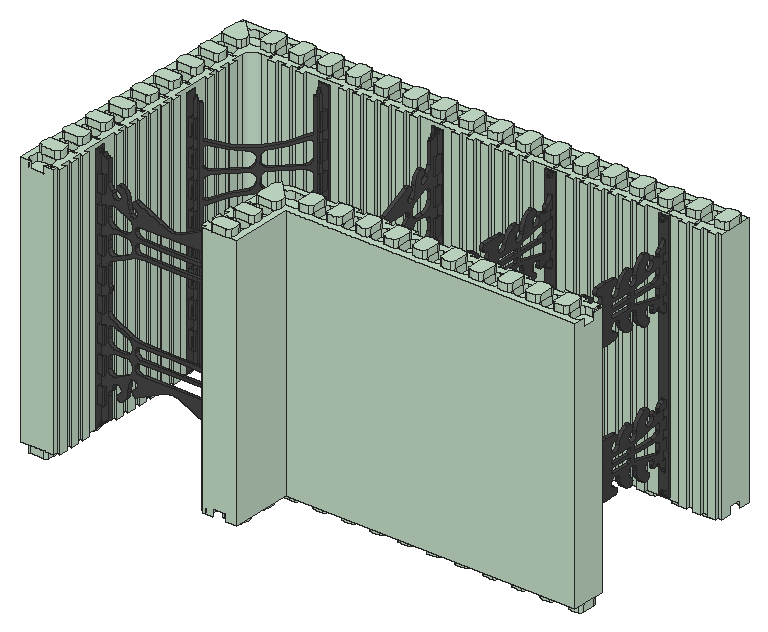
Revit family (continued)
Definition of nested family "NUDURA Diamond Pattern"
  Lines and regions (mm)
    model lines
      curve 159: arc (85.183, -142.875, 63.885) -> (82.394, -142.875, 57.15) -> (85.183, -142.875, 50.415) r 9.525
      curve 160: line (93.906, -142.875, 72.608) -> (85.183, -142.875, 63.885)
      curve 161: arc (105.934, -142.875, 71.165) -> (101.444, -142.875, 73.025) -> (96.953, -142.875, 71.165) r 6.35
      curve 162: line (96.953, -142.875, 71.165) -> (87.428, -142.875, 61.64)
      curve 163: arc (87.428, -142.875, 61.64) -> (85.569, -142.875, 57.15) -> (87.428, -142.875, 52.66) r 6.35
      curve 164: line (87.428, -142.875, 52.66) -> (96.953, -142.875, 43.135)
      curve 165: arc (96.953, -142.875, 43.135) -> (101.444, -142.875, 41.275) -> (105.934, -142.875, 43.135) r 6.35
      curve 166: line (105.934, -142.875, 43.135) -> (115.459, -142.875, 52.66)
      curve 167: arc (115.459, -142.875, 52.66) -> (117.319, -142.875, 57.15) -> (115.459, -142.875, 61.64) r 6.35
      curve 168: line (115.459, -142.875, 61.64) -> (105.934, -142.875, 71.165)
      curve 169: arc (93.906, -142.875, 34.508) -> (95.394, -142.875, 38.1) -> (93.906, -142.875, 41.692) r 5.08
      curve 170: line (93.906, -142.875, 34.508) -> (85.183, -142.875, 25.785)
      curve 171: arc (85.183, -142.875, 25.785) -> (82.394, -142.875, 19.05) -> (85.183, -142.875, 12.315) r 9.525
      curve 172: line (85.183, -142.875, 12.315) -> (94.708, -142.875, 2.79)
      curve 173: arc (94.708, -142.875, 2.79) -> (101.444, -142.875, 0) -> (108.179, -142.875, 2.79) r 9.525
      curve 174: line (108.179, -142.875, 2.79) -> (117.704, -142.875, 12.315)
      curve 175: arc (117.704, -142.875, 12.315) -> (120.494, -142.875, 19.05) -> (117.704, -142.875, 25.785) r 9.525
      curve 176: line (117.704, -142.875, 25.785) -> (108.981, -142.875, 34.508)
      curve 177: arc (108.981, -142.875, 41.692) -> (107.493, -142.875, 38.1) -> (108.981, -142.875, 34.508) r 5.08
      curve 178: arc (105.934, -142.875, 33.065) -> (101.444, -142.875, 34.925) -> (96.953, -142.875, 33.065) r 6.35
      curve 179: line (115.459, -142.875, 23.54) -> (105.934, -142.875, 33.065)
      curve 180: arc (115.459, -142.875, 14.56) -> (117.319, -142.875, 19.05) -> (115.459, -142.875, 23.54) r 6.35
      curve 181: line (105.934, -142.875, 5.035) -> (115.459, -142.875, 14.56)
      curve 182: arc (96.953, -142.875, 5.035) -> (101.444, -142.875, 3.175) -> (105.934, -142.875, 5.035) r 6.35
      curve 183: line (87.428, -142.875, 14.56) -> (96.953, -142.875, 5.035)
      curve 184: arc (87.428, -142.875, 23.54) -> (85.569, -142.875, 19.05) -> (87.428, -142.875, 14.56) r 6.35
      curve 185: line (96.953, -142.875, 33.065) -> (87.428, -142.875, 23.54)
      curve 186: arc (108.981, -142.875, 79.792) -> (107.493, -142.875, 76.2) -> (108.981, -142.875, 72.608) r 5.08
      curve 187: arc (108.981, -142.875, 117.892) -> (107.493, -142.875, 114.3) -> (108.981, -142.875, 110.708) r 5.08
      curve 188: arc (108.981, -142.875, 155.992) -> (107.493, -142.875, 152.4) -> (108.981, -142.875, 148.808) r 5.08
      curve 189: arc (108.981, -142.875, 194.092) -> (107.493, -142.875, 190.5) -> (108.981, -142.875, 186.908) r 5.08
      curve 190: arc (108.981, -142.875, 232.192) -> (107.493, -142.875, 228.6) -> (108.981, -142.875, 225.008) r 5.08
      curve 191: arc (108.981, -142.875, 270.292) -> (107.493, -142.875, 266.7) -> (108.981, -142.875, 263.108) r 5.08
      curve 192: arc (108.981, -142.875, 308.392) -> (107.493, -142.875, 304.8) -> (108.981, -142.875, 301.208) r 5.08
      curve 193: arc (108.981, -142.875, 346.492) -> (107.493, -142.875, 342.9) -> (108.981, -142.875, 339.308) r 5.08
      curve 194: arc (108.981, -142.875, 384.592) -> (107.493, -142.875, 381) -> (108.981, -142.875, 377.408) r 5.08
      curve 195: arc (108.981, -142.875, 422.692) -> (107.493, -142.875, 419.1) -> (108.981, -142.875, 415.508) r 5.08
Definition of nested family "NUDURA Diamond Pattern Missing Two lines"
  Reference planes
    plane 1 "Center (Front/Back)": y = 0
    plane 2: z = 0
    plane 3 "Center (Left/Right)": x = 0
    plane 4: z = 457.2
  Lines and regions (mm)
    model lines
      curve 1: line (50.8, -142.875, 457.2) -> (50.8, -142.875, 0)
      curve 2: line (85.183, -142.875, 431.415) -> (93.906, -142.875, 422.692)
      curve 3: arc (85.183, -142.875, 444.885) -> (82.394, -142.875, 438.15) -> (85.183, -142.875, 431.415) r 9.525
      curve 4: line (94.708, -142.875, 454.41) -> (85.183, -142.875, 444.885)
      curve 5: arc (108.179, -142.875, 454.41) -> (101.444, -142.875, 457.2) -> (94.708, -142.875, 454.41) r 9.525
      curve 6: line (117.704, -142.875, 444.885) -> (108.179, -142.875, 454.41)
      curve 7: arc (117.704, -142.875, 431.415) -> (120.494, -142.875, 438.15) -> (117.704, -142.875, 444.885) r 9.525
      curve 8: line (108.981, -142.875, 422.692) -> (117.704, -142.875, 431.415)
      curve 9: arc (105.934, -142.875, 452.165) -> (101.444, -142.875, 454.025) -> (96.953, -142.875, 452.165) r 6.35
      curve 10: line (115.459, -142.875, 442.64) -> (105.934, -142.875, 452.165)
      curve 11: arc (115.459, -142.875, 433.66) -> (117.319, -142.875, 438.15) -> (115.459, -142.875, 442.64) r 6.35
      curve 12: line (105.934, -142.875, 424.135) -> (115.459, -142.875, 433.66)
      curve 13: arc (96.953, -142.875, 424.135) -> (101.444, -142.875, 422.275) -> (105.934, -142.875, 424.135) r 6.35
      curve 14: line (87.428, -142.875, 433.66) -> (96.953, -142.875, 424.135)
      curve 15: arc (87.428, -142.875, 442.64) -> (85.569, -142.875, 438.15) -> (87.428, -142.875, 433.66) r 6.35
      curve 16: line (96.953, -142.875, 452.165) -> (87.428, -142.875, 442.64)
      curve 17: arc (93.906, -142.875, 415.508) -> (95.394, -142.875, 419.1) -> (93.906, -142.875, 422.692) r 5.08
      curve 18: line (117.704, -142.875, 406.785) -> (108.981, -142.875, 415.508)
      curve 19: arc (117.704, -142.875, 393.315) -> (120.494, -142.875, 400.05) -> (117.704, -142.875, 406.785) r 9.525
      curve 20: line (108.981, -142.875, 384.592) -> (117.704, -142.875, 393.315)
      curve 21: line (85.183, -142.875, 393.315) -> (93.906, -142.875, 384.592)
      curve 22: arc (85.183, -142.875, 406.785) -> (82.394, -142.875, 400.05) -> (85.183, -142.875, 393.315) r 9.525
      curve 23: line (93.906, -142.875, 415.508) -> (85.183, -142.875, 406.785)
      curve 24: arc (105.934, -142.875, 414.065) -> (101.444, -142.875, 415.925) -> (96.953, -142.875, 414.065) r 6.35
      curve 25: line (96.953, -142.875, 414.065) -> (87.428, -142.875, 404.54)
      curve 26: arc (87.428, -142.875, 404.54) -> (85.569, -142.875, 400.05) -> (87.428, -142.875, 395.56) r 6.35
      curve 27: line (87.428, -142.875, 395.56) -> (96.953, -142.875, 386.035)
      curve 28: arc (96.953, -142.875, 386.035) -> (101.444, -142.875, 384.175) -> (105.934, -142.875, 386.035) r 6.35
      curve 29: line (105.934, -142.875, 386.035) -> (115.459, -142.875, 395.56)
      curve 30: arc (115.459, -142.875, 395.56) -> (117.319, -142.875, 400.05) -> (115.459, -142.875, 404.54) r 6.35
      curve 31: line (115.459, -142.875, 404.54) -> (105.934, -142.875, 414.065)
      curve 32: arc (93.906, -142.875, 377.408) -> (95.394, -142.875, 381) -> (93.906, -142.875, 384.592) r 5.08
      curve 33: line (117.704, -142.875, 368.685) -> (108.981, -142.875, 377.408)
      curve 34: arc (117.704, -142.875, 355.215) -> (120.494, -142.875, 361.95) -> (117.704, -142.875, 368.685) r 9.525
      curve 35: line (108.981, -142.875, 346.492) -> (117.704, -142.875, 355.215)
      curve 36: line (85.183, -142.875, 355.215) -> (93.906, -142.875, 346.492)
      curve 37: arc (85.183, -142.875, 368.685) -> (82.394, -142.875, 361.95) -> (85.183, -142.875, 355.215) r 9.525
      curve 38: line (93.906, -142.875, 377.408) -> (85.183, -142.875, 368.685)
      curve 39: arc (105.934, -142.875, 375.965) -> (101.444, -142.875, 377.825) -> (96.953, -142.875, 375.965) r 6.35
      curve 40: line (96.953, -142.875, 375.965) -> (87.428, -142.875, 366.44)
      curve 41: arc (87.428, -142.875, 366.44) -> (85.569, -142.875, 361.95) -> (87.428, -142.875, 357.46) r 6.35
      curve 42: line (87.428, -142.875, 357.46) -> (96.953, -142.875, 347.935)
      curve 43: arc (96.953, -142.875, 347.935) -> (101.444, -142.875, 346.075) -> (105.934, -142.875, 347.935) r 6.35
      curve 44: line (105.934, -142.875, 347.935) -> (115.459, -142.875, 357.46)
      curve 45: arc (115.459, -142.875, 357.46) -> (117.319, -142.875, 361.95) -> (115.459, -142.875, 366.44) r 6.35
      curve 46: line (115.459, -142.875, 366.44) -> (105.934, -142.875, 375.965)
      curve 47: arc (93.906, -142.875, 339.308) -> (95.394, -142.875, 342.9) -> (93.906, -142.875, 346.492) r 5.08
      curve 48: line (117.704, -142.875, 330.585) -> (108.981, -142.875, 339.308)
      curve 49: arc (117.704, -142.875, 317.115) -> (120.494, -142.875, 323.85) -> (117.704, -142.875, 330.585) r 9.525
      curve 50: line (108.981, -142.875, 308.392) -> (117.704, -142.875, 317.115)
      curve 51: line (85.183, -142.875, 317.115) -> (93.906, -142.875, 308.392)
      curve 52: arc (85.183, -142.875, 330.585) -> (82.394, -142.875, 323.85) -> (85.183, -142.875, 317.115) r 9.525
      curve 53: line (93.906, -142.875, 339.308) -> (85.183, -142.875, 330.585)
      curve 54: arc (105.934, -142.875, 337.865) -> (101.444, -142.875, 339.725) -> (96.953, -142.875, 337.865) r 6.35
      curve 55: line (96.953, -142.875, 337.865) -> (87.428, -142.875, 328.34)
      curve 56: arc (87.428, -142.875, 328.34) -> (85.569, -142.875, 323.85) -> (87.428, -142.875, 319.36) r 6.35
      curve 57: line (87.428, -142.875, 319.36) -> (96.953, -142.875, 309.835)
      curve 58: arc (96.953, -142.875, 309.835) -> (101.444, -142.875, 307.975) -> (105.934, -142.875, 309.835) r 6.35
      curve 59: line (105.934, -142.875, 309.835) -> (115.459, -142.875, 319.36)
      curve 60: arc (115.459, -142.875, 319.36) -> (117.319, -142.875, 323.85) -> (115.459, -142.875, 328.34) r 6.35
      curve 61: line (115.459, -142.875, 328.34) -> (105.934, -142.875, 337.865)
      curve 62: arc (93.906, -142.875, 301.208) -> (95.394, -142.875, 304.8) -> (93.906, -142.875, 308.392) r 5.08
      curve 63: line (117.704, -142.875, 292.485) -> (108.981, -142.875, 301.208)
      curve 64: arc (117.704, -142.875, 279.015) -> (120.494, -142.875, 285.75) -> (117.704, -142.875, 292.485) r 9.525
      curve 65: line (108.981, -142.875, 270.292) -> (117.704, -142.875, 279.015)
      curve 66: line (85.183, -142.875, 279.015) -> (93.906, -142.875, 270.292)
      curve 67: arc (85.183, -142.875, 292.485) -> (82.394, -142.875, 285.75) -> (85.183, -142.875, 279.015) r 9.525
      curve 68: line (93.906, -142.875, 301.208) -> (85.183, -142.875, 292.485)
      curve 69: arc (105.934, -142.875, 299.765) -> (101.444, -142.875, 301.625) -> (96.953, -142.875, 299.765) r 6.35
      curve 70: line (96.953, -142.875, 299.765) -> (87.428, -142.875, 290.24)
      curve 71: arc (87.428, -142.875, 290.24) -> (85.569, -142.875, 285.75) -> (87.428, -142.875, 281.26) r 6.35
      curve 72: line (87.428, -142.875, 281.26) -> (96.953, -142.875, 271.735)
      curve 73: arc (96.953, -142.875, 271.735) -> (101.444, -142.875, 269.875) -> (105.934, -142.875, 271.735) r 6.35
      curve 74: line (105.934, -142.875, 271.735) -> (115.459, -142.875, 281.26)
      curve 75: arc (115.459, -142.875, 281.26) -> (117.319, -142.875, 285.75) -> (115.459, -142.875, 290.24) r 6.35
      curve 76: line (115.459, -142.875, 290.24) -> (105.934, -142.875, 299.765)
      curve 77: arc (93.906, -142.875, 263.108) -> (95.394, -142.875, 266.7) -> (93.906, -142.875, 270.292) r 5.08
      curve 78: line (117.704, -142.875, 254.385) -> (108.981, -142.875, 263.108)
      curve 79: arc (117.704, -142.875, 240.915) -> (120.494, -142.875, 247.65) -> (117.704, -142.875, 254.385) r 9.525
      curve 80: line (108.981, -142.875, 232.192) -> (117.704, -142.875, 240.915)
      curve 81: line (85.183, -142.875, 240.915) -> (93.906, -142.875, 232.192)
      curve 82: arc (85.183, -142.875, 254.385) -> (82.394, -142.875, 247.65) -> (85.183, -142.875, 240.915) r 9.525
      curve 83: line (93.906, -142.875, 263.108) -> (85.183, -142.875, 254.385)
      curve 84: arc (105.934, -142.875, 261.665) -> (101.444, -142.875, 263.525) -> (96.953, -142.875, 261.665) r 6.35
      curve 85: line (96.953, -142.875, 261.665) -> (87.428, -142.875, 252.14)
      curve 86: arc (87.428, -142.875, 252.14) -> (85.569, -142.875, 247.65) -> (87.428, -142.875, 243.16) r 6.35
      curve 87: line (87.428, -142.875, 243.16) -> (96.953, -142.875, 233.635)
      curve 88: arc (96.953, -142.875, 233.635) -> (101.444, -142.875, 231.775) -> (105.934, -142.875, 233.635) r 6.35
      curve 89: line (105.934, -142.875, 233.635) -> (115.459, -142.875, 243.16)
      curve 90: arc (115.459, -142.875, 243.16) -> (117.319, -142.875, 247.65) -> (115.459, -142.875, 252.14) r 6.35
      curve 91: line (115.459, -142.875, 252.14) -> (105.934, -142.875, 261.665)
      curve 92: arc (93.906, -142.875, 225.008) -> (95.394, -142.875, 228.6) -> (93.906, -142.875, 232.192) r 5.08
      curve 93: line (117.704, -142.875, 216.285) -> (108.981, -142.875, 225.008)
      curve 94: arc (117.704, -142.875, 202.815) -> (120.494, -142.875, 209.55) -> (117.704, -142.875, 216.285) r 9.525
      curve 95: line (108.981, -142.875, 194.092) -> (117.704, -142.875, 202.815)
      curve 96: line (85.183, -142.875, 202.815) -> (93.906, -142.875, 194.092)
      curve 97: arc (85.183, -142.875, 216.285) -> (82.394, -142.875, 209.55) -> (85.183, -142.875, 202.815) r 9.525
      curve 98: line (93.906, -142.875, 225.008) -> (85.183, -142.875, 216.285)
      curve 99: arc (105.934, -142.875, 223.565) -> (101.444, -142.875, 225.425) -> (96.953, -142.875, 223.565) r 6.35
      curve 100: line (96.953, -142.875, 223.565) -> (87.428, -142.875, 214.04)
      curve 101: arc (87.428, -142.875, 214.04) -> (85.569, -142.875, 209.55) -> (87.428, -142.875, 205.06) r 6.35
      curve 102: line (87.428, -142.875, 205.06) -> (96.953, -142.875, 195.535)
      curve 103: arc (96.953, -142.875, 195.535) -> (101.444, -142.875, 193.675) -> (105.934, -142.875, 195.535) r 6.35
      curve 104: line (105.934, -142.875, 195.535) -> (115.459, -142.875, 205.06)
      curve 105: arc (115.459, -142.875, 205.06) -> (117.319, -142.875, 209.55) -> (115.459, -142.875, 214.04) r 6.35
      curve 106: line (115.459, -142.875, 214.04) -> (105.934, -142.875, 223.565)
      curve 107: arc (93.906, -142.875, 186.908) -> (95.394, -142.875, 190.5) -> (93.906, -142.875, 194.092) r 5.08
      curve 108: line (117.704, -142.875, 178.185) -> (108.981, -142.875, 186.908)
      curve 109: arc (117.704, -142.875, 164.715) -> (120.494, -142.875, 171.45) -> (117.704, -142.875, 178.185) r 9.525
      curve 110: line (108.981, -142.875, 155.992) -> (117.704, -142.875, 164.715)
      curve 111: line (85.183, -142.875, 164.715) -> (93.906, -142.875, 155.992)
      curve 112: arc (85.183, -142.875, 178.185) -> (82.394, -142.875, 171.45) -> (85.183, -142.875, 164.715) r 9.525
      curve 113: line (93.906, -142.875, 186.908) -> (85.183, -142.875, 178.185)
      curve 114: arc (105.934, -142.875, 185.465) -> (101.444, -142.875, 187.325) -> (96.953, -142.875, 185.465) r 6.35
      curve 115: line (96.953, -142.875, 185.465) -> (87.428, -142.875, 175.94)
      curve 116: arc (87.428, -142.875, 175.94) -> (85.569, -142.875, 171.45) -> (87.428, -142.875, 166.96) r 6.35
      curve 117: line (87.428, -142.875, 166.96) -> (96.953, -142.875, 157.435)
      curve 118: arc (96.953, -142.875, 157.435) -> (101.444, -142.875, 155.575) -> (105.934, -142.875, 157.435) r 6.35
      curve 119: line (105.934, -142.875, 157.435) -> (115.459, -142.875, 166.96)
      curve 120: arc (115.459, -142.875, 166.96) -> (117.319, -142.875, 171.45) -> (115.459, -142.875, 175.94) r 6.35
      curve 121: line (115.459, -142.875, 175.94) -> (105.934, -142.875, 185.465)
      curve 122: arc (93.906, -142.875, 148.808) -> (95.394, -142.875, 152.4) -> (93.906, -142.875, 155.992) r 5.08
      curve 123: line (117.704, -142.875, 140.085) -> (108.981, -142.875, 148.808)
      curve 124: arc (117.704, -142.875, 126.615) -> (120.494, -142.875, 133.35) -> (117.704, -142.875, 140.085) r 9.525
      curve 125: line (108.981, -142.875, 117.892) -> (117.704, -142.875, 126.615)
      curve 126: line (85.183, -142.875, 126.615) -> (93.906, -142.875, 117.892)
      curve 127: arc (85.183, -142.875, 140.085) -> (82.394, -142.875, 133.35) -> (85.183, -142.875, 126.615) r 9.525
      curve 128: line (93.906, -142.875, 148.808) -> (85.183, -142.875, 140.085)
      curve 129: arc (105.934, -142.875, 147.365) -> (101.444, -142.875, 149.225) -> (96.953, -142.875, 147.365) r 6.35
      curve 130: line (96.953, -142.875, 147.365) -> (87.428, -142.875, 137.84)
      curve 131: arc (87.428, -142.875, 137.84) -> (85.569, -142.875, 133.35) -> (87.428, -142.875, 128.86) r 6.35
      curve 132: line (87.428, -142.875, 128.86) -> (96.953, -142.875, 119.335)
      curve 133: arc (96.953, -142.875, 119.335) -> (101.444, -142.875, 117.475) -> (105.934, -142.875, 119.335) r 6.35
      curve 134: line (105.934, -142.875, 119.335) -> (115.459, -142.875, 128.86)
      curve 135: arc (115.459, -142.875, 128.86) -> (117.319, -142.875, 133.35) -> (115.459, -142.875, 137.84) r 6.35
      curve 136: line (115.459, -142.875, 137.84) -> (105.934, -142.875, 147.365)
      curve 137: arc (93.906, -142.875, 110.708) -> (95.394, -142.875, 114.3) -> (93.906, -142.875, 117.892) r 5.08
      curve 138: line (117.704, -142.875, 101.985) -> (108.981, -142.875, 110.708)
      curve 139: arc (117.704, -142.875, 88.515) -> (120.494, -142.875, 95.25) -> (117.704, -142.875, 101.985) r 9.525
      curve 140: line (108.981, -142.875, 79.792) -> (117.704, -142.875, 88.515)
      curve 141: line (85.183, -142.875, 88.515) -> (93.906, -142.875, 79.792)
      curve 142: arc (85.183, -142.875, 101.985) -> (82.394, -142.875, 95.25) -> (85.183, -142.875, 88.515) r 9.525
      curve 143: line (93.906, -142.875, 110.708) -> (85.183, -142.875, 101.985)
      curve 144: arc (105.934, -142.875, 109.265) -> (101.444, -142.875, 111.125) -> (96.953, -142.875, 109.265) r 6.35
      curve 145: line (96.953, -142.875, 109.265) -> (87.428, -142.875, 99.74)
      curve 146: arc (87.428, -142.875, 99.74) -> (85.569, -142.875, 95.25) -> (87.428, -142.875, 90.76) r 6.35
      curve 147: line (87.428, -142.875, 90.76) -> (96.953, -142.875, 81.235)
      curve 148: arc (96.953, -142.875, 81.235) -> (101.444, -142.875, 79.375) -> (105.934, -142.875, 81.235) r 6.35
      curve 149: line (105.934, -142.875, 81.235) -> (115.459, -142.875, 90.76)
      curve 150: arc (115.459, -142.875, 90.76) -> (117.319, -142.875, 95.25) -> (115.459, -142.875, 99.74) r 6.35
      curve 151: line (115.459, -142.875, 99.74) -> (105.934, -142.875, 109.265)
      curve 152: arc (93.906, -142.875, 72.608) -> (95.394, -142.875, 76.2) -> (93.906, -142.875, 79.792) r 5.08
      curve 153: line (117.704, -142.875, 63.885) -> (108.981, -142.875, 72.608)
      curve 154: arc (117.704, -142.875, 50.415) -> (120.494, -142.875, 57.15) -> (117.704, -142.875, 63.885) r 9.525
      curve 155: line (108.981, -142.875, 41.692) -> (117.704, -142.875, 50.415)
      curve 156: line (85.183, -142.875, 50.415) -> (93.906, -142.875, 41.692)
      curve 157: arc (85.183, -142.875, 63.885) -> (82.394, -142.875, 57.15) -> (85.183, -142.875, 50.415) r 9.525
      curve 158: line (93.906, -142.875, 72.608) -> (85.183, -142.875, 63.885)
      curve 159: arc (105.934, -142.875, 71.165) -> (101.444, -142.875, 73.025) -> (96.953, -142.875, 71.165) r 6.35
      curve 160: line (96.953, -142.875, 71.165) -> (87.428, -142.875, 61.64)
      curve 161: arc (87.428, -142.875, 61.64) -> (85.569, -142.875, 57.15) -> (87.428, -142.875, 52.66) r 6.35
      curve 162: line (87.428, -142.875, 52.66) -> (96.953, -142.875, 43.135)
      curve 163: arc (96.953, -142.875, 43.135) -> (101.444, -142.875, 41.275) -> (105.934, -142.875, 43.135) r 6.35
      curve 164: line (105.934, -142.875, 43.135) -> (115.459, -142.875, 52.66)
      curve 165: arc (115.459, -142.875, 52.66) -> (117.319, -142.875, 57.15) -> (115.459, -142.875, 61.64) r 6.35
      curve 166: line (115.459, -142.875, 61.64) -> (105.934, -142.875, 71.165)
      curve 167: arc (93.906, -142.875, 34.508) -> (95.394, -142.875, 38.1) -> (93.906, -142.875, 41.692) r 5.08
      curve 168: line (93.906, -142.875, 34.508) -> (85.183, -142.875, 25.785)
      curve 169: arc (85.183, -142.875, 25.785) -> (82.394, -142.875, 19.05) -> (85.183, -142.875, 12.315) r 9.525
      curve 170: line (85.183, -142.875, 12.315) -> (94.708, -142.875, 2.79)
      curve 171: arc (94.708, -142.875, 2.79) -> (101.444, -142.875, 0) -> (108.179, -142.875, 2.79) r 9.525
      curve 172: line (108.179, -142.875, 2.79) -> (117.704, -142.875, 12.315)
      curve 173: arc (117.704, -142.875, 12.315) -> (120.494, -142.875, 19.05) -> (117.704, -142.875, 25.785) r 9.525
      curve 174: line (117.704, -142.875, 25.785) -> (108.981, -142.875, 34.508)
      curve 175: arc (108.981, -142.875, 41.692) -> (107.493, -142.875, 38.1) -> (108.981, -142.875, 34.508) r 5.08
      curve 176: arc (105.934, -142.875, 33.065) -> (101.444, -142.875, 34.925) -> (96.953, -142.875, 33.065) r 6.35
      curve 177: line (115.459, -142.875, 23.54) -> (105.934, -142.875, 33.065)
      curve 178: arc (115.459, -142.875, 14.56) -> (117.319, -142.875, 19.05) -> (115.459, -142.875, 23.54) r 6.35
      curve 179: line (105.934, -142.875, 5.035) -> (115.459, -142.875, 14.56)
      curve 180: arc (96.953, -142.875, 5.035) -> (101.444, -142.875, 3.175) -> (105.934, -142.875, 5.035) r 6.35
      curve 181: line (87.428, -142.875, 14.56) -> (96.953, -142.875, 5.035)
      curve 182: arc (87.428, -142.875, 23.54) -> (85.569, -142.875, 19.05) -> (87.428, -142.875, 14.56) r 6.35
      curve 183: line (96.953, -142.875, 33.065) -> (87.428, -142.875, 23.54)
      curve 184: arc (108.981, -142.875, 79.792) -> (107.493, -142.875, 76.2) -> (108.981, -142.875, 72.608) r 5.08
      curve 185: arc (108.981, -142.875, 117.892) -> (107.493, -142.875, 114.3) -> (108.981, -142.875, 110.708) r 5.08
      curve 186: arc (108.981, -142.875, 155.992) -> (107.493, -142.875, 152.4) -> (108.981, -142.875, 148.808) r 5.08
      curve 187: arc (108.981, -142.875, 194.092) -> (107.493, -142.875, 190.5) -> (108.981, -142.875, 186.908) r 5.08
      curve 188: arc (108.981, -142.875, 232.192) -> (107.493, -142.875, 228.6) -> (108.981, -142.875, 225.008) r 5.08
      curve 189: arc (108.981, -142.875, 270.292) -> (107.493, -142.875, 266.7) -> (108.981, -142.875, 263.108) r 5.08
      curve 190: arc (108.981, -142.875, 308.392) -> (107.493, -142.875, 304.8) -> (108.981, -142.875, 301.208) r 5.08
      curve 191: arc (108.981, -142.875, 346.492) -> (107.493, -142.875, 342.9) -> (108.981, -142.875, 339.308) r 5.08
      curve 192: arc (108.981, -142.875, 384.592) -> (107.493, -142.875, 381) -> (108.981, -142.875, 377.408) r 5.08
      curve 193: arc (108.981, -142.875, 422.692) -> (107.493, -142.875, 419.1) -> (108.981, -142.875, 415.508) r 5.08
Definition of nested family "NUDURA Diamond Pattern Missing Left Line"
  Reference planes
    plane 1 "Center (Front/Back)": y = 0
    plane 2: z = 0
    plane 3 "Center (Left/Right)": x = 0
    plane 4: z = 457.2
  Lines and regions (mm)
    model lines
      curve 1: line (203.2, -142.875, 457.2) -> (203.2, -142.875, 0)
      curve 2: line (152.4, -142.875, 457.2) -> (152.4, -142.875, 0)
      curve 3: line (85.183, -142.875, 431.415) -> (93.906, -142.875, 422.692)
      curve 4: arc (85.183, -142.875, 444.885) -> (82.394, -142.875, 438.15) -> (85.183, -142.875, 431.415) r 9.525
      curve 5: line (94.708, -142.875, 454.41) -> (85.183, -142.875, 444.885)
      curve 6: arc (108.179, -142.875, 454.41) -> (101.444, -142.875, 457.2) -> (94.708, -142.875, 454.41) r 9.525
      curve 7: line (117.704, -142.875, 444.885) -> (108.179, -142.875, 454.41)
      curve 8: arc (117.704, -142.875, 431.415) -> (120.494, -142.875, 438.15) -> (117.704, -142.875, 444.885) r 9.525
      curve 9: line (108.981, -142.875, 422.692) -> (117.704, -142.875, 431.415)
      curve 10: arc (105.934, -142.875, 452.165) -> (101.444, -142.875, 454.025) -> (96.953, -142.875, 452.165) r 6.35
      curve 11: line (115.459, -142.875, 442.64) -> (105.934, -142.875, 452.165)
      curve 12: arc (115.459, -142.875, 433.66) -> (117.319, -142.875, 438.15) -> (115.459, -142.875, 442.64) r 6.35
      curve 13: line (105.934, -142.875, 424.135) -> (115.459, -142.875, 433.66)
      curve 14: arc (96.953, -142.875, 424.135) -> (101.444, -142.875, 422.275) -> (105.934, -142.875, 424.135) r 6.35
      curve 15: line (87.428, -142.875, 433.66) -> (96.953, -142.875, 424.135)
      curve 16: arc (87.428, -142.875, 442.64) -> (85.569, -142.875, 438.15) -> (87.428, -142.875, 433.66) r 6.35
      curve 17: line (96.953, -142.875, 452.165) -> (87.428, -142.875, 442.64)
      curve 18: arc (93.906, -142.875, 415.508) -> (95.394, -142.875, 419.1) -> (93.906, -142.875, 422.692) r 5.08
      curve 19: line (117.704, -142.875, 406.785) -> (108.981, -142.875, 415.508)
      curve 20: arc (117.704, -142.875, 393.315) -> (120.494, -142.875, 400.05) -> (117.704, -142.875, 406.785) r 9.525
      curve 21: line (108.981, -142.875, 384.592) -> (117.704, -142.875, 393.315)
      curve 22: line (85.183, -142.875, 393.315) -> (93.906, -142.875, 384.592)
      curve 23: arc (85.183, -142.875, 406.785) -> (82.394, -142.875, 400.05) -> (85.183, -142.875, 393.315) r 9.525
      curve 24: line (93.906, -142.875, 415.508) -> (85.183, -142.875, 406.785)
      curve 25: arc (105.934, -142.875, 414.065) -> (101.444, -142.875, 415.925) -> (96.953, -142.875, 414.065) r 6.35
      curve 26: line (96.953, -142.875, 414.065) -> (87.428, -142.875, 404.54)
      curve 27: arc (87.428, -142.875, 404.54) -> (85.569, -142.875, 400.05) -> (87.428, -142.875, 395.56) r 6.35
      curve 28: line (87.428, -142.875, 395.56) -> (96.953, -142.875, 386.035)
      curve 29: arc (96.953, -142.875, 386.035) -> (101.444, -142.875, 384.175) -> (105.934, -142.875, 386.035) r 6.35
      curve 30: line (105.934, -142.875, 386.035) -> (115.459, -142.875, 395.56)
      curve 31: arc (115.459, -142.875, 395.56) -> (117.319, -142.875, 400.05) -> (115.459, -142.875, 404.54) r 6.35
      curve 32: line (115.459, -142.875, 404.54) -> (105.934, -142.875, 414.065)
      curve 33: arc (93.906, -142.875, 377.408) -> (95.394, -142.875, 381) -> (93.906, -142.875, 384.592) r 5.08
      curve 34: line (117.704, -142.875, 368.685) -> (108.981, -142.875, 377.408)
      curve 35: arc (117.704, -142.875, 355.215) -> (120.494, -142.875, 361.95) -> (117.704, -142.875, 368.685) r 9.525
      curve 36: line (108.981, -142.875, 346.492) -> (117.704, -142.875, 355.215)
      curve 37: line (85.183, -142.875, 355.215) -> (93.906, -142.875, 346.492)
      curve 38: arc (85.183, -142.875, 368.685) -> (82.394, -142.875, 361.95) -> (85.183, -142.875, 355.215) r 9.525
      curve 39: line (93.906, -142.875, 377.408) -> (85.183, -142.875, 368.685)
      curve 40: arc (105.934, -142.875, 375.965) -> (101.444, -142.875, 377.825) -> (96.953, -142.875, 375.965) r 6.35
      curve 41: line (96.953, -142.875, 375.965) -> (87.428, -142.875, 366.44)
      curve 42: arc (87.428, -142.875, 366.44) -> (85.569, -142.875, 361.95) -> (87.428, -142.875, 357.46) r 6.35
      curve 43: line (87.428, -142.875, 357.46) -> (96.953, -142.875, 347.935)
      curve 44: arc (96.953, -142.875, 347.935) -> (101.444, -142.875, 346.075) -> (105.934, -142.875, 347.935) r 6.35
      curve 45: line (105.934, -142.875, 347.935) -> (115.459, -142.875, 357.46)
      curve 46: arc (115.459, -142.875, 357.46) -> (117.319, -142.875, 361.95) -> (115.459, -142.875, 366.44) r 6.35
      curve 47: line (115.459, -142.875, 366.44) -> (105.934, -142.875, 375.965)
      curve 48: arc (93.906, -142.875, 339.308) -> (95.394, -142.875, 342.9) -> (93.906, -142.875, 346.492) r 5.08
      curve 49: line (117.704, -142.875, 330.585) -> (108.981, -142.875, 339.308)
      curve 50: arc (117.704, -142.875, 317.115) -> (120.494, -142.875, 323.85) -> (117.704, -142.875, 330.585) r 9.525
      curve 51: line (108.981, -142.875, 308.392) -> (117.704, -142.875, 317.115)
      curve 52: line (85.183, -142.875, 317.115) -> (93.906, -142.875, 308.392)
      curve 53: arc (85.183, -142.875, 330.585) -> (82.394, -142.875, 323.85) -> (85.183, -142.875, 317.115) r 9.525
      curve 54: line (93.906, -142.875, 339.308) -> (85.183, -142.875, 330.585)
      curve 55: arc (105.934, -142.875, 337.865) -> (101.444, -142.875, 339.725) -> (96.953, -142.875, 337.865) r 6.35
      curve 56: line (96.953, -142.875, 337.865) -> (87.428, -142.875, 328.34)
      curve 57: arc (87.428, -142.875, 328.34) -> (85.569, -142.875, 323.85) -> (87.428, -142.875, 319.36) r 6.35
      curve 58: line (87.428, -142.875, 319.36) -> (96.953, -142.875, 309.835)
      curve 59: arc (96.953, -142.875, 309.835) -> (101.444, -142.875, 307.975) -> (105.934, -142.875, 309.835) r 6.35
      curve 60: line (105.934, -142.875, 309.835) -> (115.459, -142.875, 319.36)
      curve 61: arc (115.459, -142.875, 319.36) -> (117.319, -142.875, 323.85) -> (115.459, -142.875, 328.34) r 6.35
      curve 62: line (115.459, -142.875, 328.34) -> (105.934, -142.875, 337.865)
      curve 63: arc (93.906, -142.875, 301.208) -> (95.394, -142.875, 304.8) -> (93.906, -142.875, 308.392) r 5.08
      curve 64: line (117.704, -142.875, 292.485) -> (108.981, -142.875, 301.208)
      curve 65: arc (117.704, -142.875, 279.015) -> (120.494, -142.875, 285.75) -> (117.704, -142.875, 292.485) r 9.525
      curve 66: line (108.981, -142.875, 270.292) -> (117.704, -142.875, 279.015)
      curve 67: line (85.183, -142.875, 279.015) -> (93.906, -142.875, 270.292)
      curve 68: arc (85.183, -142.875, 292.485) -> (82.394, -142.875, 285.75) -> (85.183, -142.875, 279.015) r 9.525
      curve 69: line (93.906, -142.875, 301.208) -> (85.183, -142.875, 292.485)
      curve 70: arc (105.934, -142.875, 299.765) -> (101.444, -142.875, 301.625) -> (96.953, -142.875, 299.765) r 6.35
      curve 71: line (96.953, -142.875, 299.765) -> (87.428, -142.875, 290.24)
      curve 72: arc (87.428, -142.875, 290.24) -> (85.569, -142.875, 285.75) -> (87.428, -142.875, 281.26) r 6.35
      curve 73: line (87.428, -142.875, 281.26) -> (96.953, -142.875, 271.735)
      curve 74: arc (96.953, -142.875, 271.735) -> (101.444, -142.875, 269.875) -> (105.934, -142.875, 271.735) r 6.35
      curve 75: line (105.934, -142.875, 271.735) -> (115.459, -142.875, 281.26)
      curve 76: arc (115.459, -142.875, 281.26) -> (117.319, -142.875, 285.75) -> (115.459, -142.875, 290.24) r 6.35
      curve 77: line (115.459, -142.875, 290.24) -> (105.934, -142.875, 299.765)
      curve 78: arc (93.906, -142.875, 263.108) -> (95.394, -142.875, 266.7) -> (93.906, -142.875, 270.292) r 5.08
      curve 79: line (117.704, -142.875, 254.385) -> (108.981, -142.875, 263.108)
      curve 80: arc (117.704, -142.875, 240.915) -> (120.494, -142.875, 247.65) -> (117.704, -142.875, 254.385) r 9.525
      curve 81: line (108.981, -142.875, 232.192) -> (117.704, -142.875, 240.915)
      curve 82: line (85.183, -142.875, 240.915) -> (93.906, -142.875, 232.192)
      curve 83: arc (85.183, -142.875, 254.385) -> (82.394, -142.875, 247.65) -> (85.183, -142.875, 240.915) r 9.525
      curve 84: line (93.906, -142.875, 263.108) -> (85.183, -142.875, 254.385)
      curve 85: arc (105.934, -142.875, 261.665) -> (101.444, -142.875, 263.525) -> (96.953, -142.875, 261.665) r 6.35
      curve 86: line (96.953, -142.875, 261.665) -> (87.428, -142.875, 252.14)
      curve 87: arc (87.428, -142.875, 252.14) -> (85.569, -142.875, 247.65) -> (87.428, -142.875, 243.16) r 6.35
      curve 88: line (87.428, -142.875, 243.16) -> (96.953, -142.875, 233.635)
      curve 89: arc (96.953, -142.875, 233.635) -> (101.444, -142.875, 231.775) -> (105.934, -142.875, 233.635) r 6.35
      curve 90: line (105.934, -142.875, 233.635) -> (115.459, -142.875, 243.16)
      curve 91: arc (115.459, -142.875, 243.16) -> (117.319, -142.875, 247.65) -> (115.459, -142.875, 252.14) r 6.35
      curve 92: line (115.459, -142.875, 252.14) -> (105.934, -142.875, 261.665)
      curve 93: arc (93.906, -142.875, 225.008) -> (95.394, -142.875, 228.6) -> (93.906, -142.875, 232.192) r 5.08
      curve 94: line (117.704, -142.875, 216.285) -> (108.981, -142.875, 225.008)
      curve 95: arc (117.704, -142.875, 202.815) -> (120.494, -142.875, 209.55) -> (117.704, -142.875, 216.285) r 9.525
      curve 96: line (108.981, -142.875, 194.092) -> (117.704, -142.875, 202.815)
      curve 97: line (85.183, -142.875, 202.815) -> (93.906, -142.875, 194.092)
      curve 98: arc (85.183, -142.875, 216.285) -> (82.394, -142.875, 209.55) -> (85.183, -142.875, 202.815) r 9.525
      curve 99: line (93.906, -142.875, 225.008) -> (85.183, -142.875, 216.285)
      curve 100: arc (105.934, -142.875, 223.565) -> (101.444, -142.875, 225.425) -> (96.953, -142.875, 223.565) r 6.35
      curve 101: line (96.953, -142.875, 223.565) -> (87.428, -142.875, 214.04)
      curve 102: arc (87.428, -142.875, 214.04) -> (85.569, -142.875, 209.55) -> (87.428, -142.875, 205.06) r 6.35
      curve 103: line (87.428, -142.875, 205.06) -> (96.953, -142.875, 195.535)
      curve 104: arc (96.953, -142.875, 195.535) -> (101.444, -142.875, 193.675) -> (105.934, -142.875, 195.535) r 6.35
      curve 105: line (105.934, -142.875, 195.535) -> (115.459, -142.875, 205.06)
      curve 106: arc (115.459, -142.875, 205.06) -> (117.319, -142.875, 209.55) -> (115.459, -142.875, 214.04) r 6.35
      curve 107: line (115.459, -142.875, 214.04) -> (105.934, -142.875, 223.565)
      curve 108: arc (93.906, -142.875, 186.908) -> (95.394, -142.875, 190.5) -> (93.906, -142.875, 194.092) r 5.08
      curve 109: line (117.704, -142.875, 178.185) -> (108.981, -142.875, 186.908)
      curve 110: arc (117.704, -142.875, 164.715) -> (120.494, -142.875, 171.45) -> (117.704, -142.875, 178.185) r 9.525
      curve 111: line (108.981, -142.875, 155.992) -> (117.704, -142.875, 164.715)
      curve 112: line (85.183, -142.875, 164.715) -> (93.906, -142.875, 155.992)
      curve 113: arc (85.183, -142.875, 178.185) -> (82.394, -142.875, 171.45) -> (85.183, -142.875, 164.715) r 9.525
      curve 114: line (93.906, -142.875, 186.908) -> (85.183, -142.875, 178.185)
      curve 115: arc (105.934, -142.875, 185.465) -> (101.444, -142.875, 187.325) -> (96.953, -142.875, 185.465) r 6.35
      curve 116: line (96.953, -142.875, 185.465) -> (87.428, -142.875, 175.94)
      curve 117: arc (87.428, -142.875, 175.94) -> (85.569, -142.875, 171.45) -> (87.428, -142.875, 166.96) r 6.35
      curve 118: line (87.428, -142.875, 166.96) -> (96.953, -142.875, 157.435)
      curve 119: arc (96.953, -142.875, 157.435) -> (101.444, -142.875, 155.575) -> (105.934, -142.875, 157.435) r 6.35
      curve 120: line (105.934, -142.875, 157.435) -> (115.459, -142.875, 166.96)
      curve 121: arc (115.459, -142.875, 166.96) -> (117.319, -142.875, 171.45) -> (115.459, -142.875, 175.94) r 6.35
      curve 122: line (115.459, -142.875, 175.94) -> (105.934, -142.875, 185.465)
      curve 123: arc (93.906, -142.875, 148.808) -> (95.394, -142.875, 152.4) -> (93.906, -142.875, 155.992) r 5.08
      curve 124: line (117.704, -142.875, 140.085) -> (108.981, -142.875, 148.808)
      curve 125: arc (117.704, -142.875, 126.615) -> (120.494, -142.875, 133.35) -> (117.704, -142.875, 140.085) r 9.525
      curve 126: line (108.981, -142.875, 117.892) -> (117.704, -142.875, 126.615)
      curve 127: line (85.183, -142.875, 126.615) -> (93.906, -142.875, 117.892)
      curve 128: arc (85.183, -142.875, 140.085) -> (82.394, -142.875, 133.35) -> (85.183, -142.875, 126.615) r 9.525
      curve 129: line (93.906, -142.875, 148.808) -> (85.183, -142.875, 140.085)
      curve 130: arc (105.934, -142.875, 147.365) -> (101.444, -142.875, 149.225) -> (96.953, -142.875, 147.365) r 6.35
      curve 131: line (96.953, -142.875, 147.365) -> (87.428, -142.875, 137.84)
      curve 132: arc (87.428, -142.875, 137.84) -> (85.569, -142.875, 133.35) -> (87.428, -142.875, 128.86) r 6.35
      curve 133: line (87.428, -142.875, 128.86) -> (96.953, -142.875, 119.335)
      curve 134: arc (96.953, -142.875, 119.335) -> (101.444, -142.875, 117.475) -> (105.934, -142.875, 119.335) r 6.35
      curve 135: line (105.934, -142.875, 119.335) -> (115.459, -142.875, 128.86)
      curve 136: arc (115.459, -142.875, 128.86) -> (117.319, -142.875, 133.35) -> (115.459, -142.875, 137.84) r 6.35
      curve 137: line (115.459, -142.875, 137.84) -> (105.934, -142.875, 147.365)
      curve 138: arc (93.906, -142.875, 110.708) -> (95.394, -142.875, 114.3) -> (93.906, -142.875, 117.892) r 5.08
      curve 139: line (117.704, -142.875, 101.985) -> (108.981, -142.875, 110.708)
      curve 140: arc (117.704, -142.875, 88.515) -> (120.494, -142.875, 95.25) -> (117.704, -142.875, 101.985) r 9.525
      curve 141: line (108.981, -142.875, 79.792) -> (117.704, -142.875, 88.515)
      curve 142: line (85.183, -142.875, 88.515) -> (93.906, -142.875, 79.792)
      curve 143: arc (85.183, -142.875, 101.985) -> (82.394, -142.875, 95.25) -> (85.183, -142.875, 88.515) r 9.525
      curve 144: line (93.906, -142.875, 110.708) -> (85.183, -142.875, 101.985)
      curve 145: arc (105.934, -142.875, 109.265) -> (101.444, -142.875, 111.125) -> (96.953, -142.875, 109.265) r 6.35
      curve 146: line (96.953, -142.875, 109.265) -> (87.428, -142.875, 99.74)
      curve 147: arc (87.428, -142.875, 99.74) -> (85.569, -142.875, 95.25) -> (87.428, -142.875, 90.76) r 6.35
      curve 148: line (87.428, -142.875, 90.76) -> (96.953, -142.875, 81.235)
      curve 149: arc (96.953, -142.875, 81.235) -> (101.444, -142.875, 79.375) -> (105.934, -142.875, 81.235) r 6.35
      curve 150: line (105.934, -142.875, 81.235) -> (115.459, -142.875, 90.76)
      curve 151: arc (115.459, -142.875, 90.76) -> (117.319, -142.875, 95.25) -> (115.459, -142.875, 99.74) r 6.35
      curve 152: line (115.459, -142.875, 99.74) -> (105.934, -142.875, 109.265)
      curve 153: arc (93.906, -142.875, 72.608) -> (95.394, -142.875, 76.2) -> (93.906, -142.875, 79.792) r 5.08
      curve 154: line (117.704, -142.875, 63.885) -> (108.981, -142.875, 72.608)
      curve 155: arc (117.704, -142.875, 50.415) -> (120.494, -142.875, 57.15) -> (117.704, -142.875, 63.885) r 9.525
      curve 156: line (108.981, -142.875, 41.692) -> (117.704, -142.875, 50.415)
      curve 157: line (85.183, -142.875, 50.415) -> (93.906, -142.875, 41.692)
      curve 158: arc (85.183, -142.875, 63.885) -> (82.394, -142.875, 57.15) -> (85.183, -142.875, 50.415) r 9.525
      curve 159: line (93.906, -142.875, 72.608) -> (85.183, -142.875, 63.885)
      curve 160: arc (105.934, -142.875, 71.165) -> (101.444, -142.875, 73.025) -> (96.953, -142.875, 71.165) r 6.35
      curve 161: line (96.953, -142.875, 71.165) -> (87.428, -142.875, 61.64)
      curve 162: arc (87.428, -142.875, 61.64) -> (85.569, -142.875, 57.15) -> (87.428, -142.875, 52.66) r 6.35
      curve 163: line (87.428, -142.875, 52.66) -> (96.953, -142.875, 43.135)
      curve 164: arc (96.953, -142.875, 43.135) -> (101.444, -142.875, 41.275) -> (105.934, -142.875, 43.135) r 6.35
      curve 165: line (105.934, -142.875, 43.135) -> (115.459, -142.875, 52.66)
      curve 166: arc (115.459, -142.875, 52.66) -> (117.319, -142.875, 57.15) -> (115.459, -142.875, 61.64) r 6.35
      curve 167: line (115.459, -142.875, 61.64) -> (105.934, -142.875, 71.165)
      curve 168: arc (93.906, -142.875, 34.508) -> (95.394, -142.875, 38.1) -> (93.906, -142.875, 41.692) r 5.08
      curve 169: line (93.906, -142.875, 34.508) -> (85.183, -142.875, 25.785)
      curve 170: arc (85.183, -142.875, 25.785) -> (82.394, -142.875, 19.05) -> (85.183, -142.875, 12.315) r 9.525
      curve 171: line (85.183, -142.875, 12.315) -> (94.708, -142.875, 2.79)
      curve 172: arc (94.708, -142.875, 2.79) -> (101.444, -142.875, 0) -> (108.179, -142.875, 2.79) r 9.525
      curve 173: line (108.179, -142.875, 2.79) -> (117.704, -142.875, 12.315)
      curve 174: arc (117.704, -142.875, 12.315) -> (120.494, -142.875, 19.05) -> (117.704, -142.875, 25.785) r 9.525
      curve 175: line (117.704, -142.875, 25.785) -> (108.981, -142.875, 34.508)
      curve 176: arc (108.981, -142.875, 41.692) -> (107.493, -142.875, 38.1) -> (108.981, -142.875, 34.508) r 5.08
      curve 177: arc (105.934, -142.875, 33.065) -> (101.444, -142.875, 34.925) -> (96.953, -142.875, 33.065) r 6.35
      curve 178: line (115.459, -142.875, 23.54) -> (105.934, -142.875, 33.065)
      curve 179: arc (115.459, -142.875, 14.56) -> (117.319, -142.875, 19.05) -> (115.459, -142.875, 23.54) r 6.35
      curve 180: line (105.934, -142.875, 5.035) -> (115.459, -142.875, 14.56)
      curve 181: arc (96.953, -142.875, 5.035) -> (101.444, -142.875, 3.175) -> (105.934, -142.875, 5.035) r 6.35
      curve 182: line (87.428, -142.875, 14.56) -> (96.953, -142.875, 5.035)
      curve 183: arc (87.428, -142.875, 23.54) -> (85.569, -142.875, 19.05) -> (87.428, -142.875, 14.56) r 6.35
      curve 184: line (96.953, -142.875, 33.065) -> (87.428, -142.875, 23.54)
      curve 185: arc (108.981, -142.875, 79.792) -> (107.493, -142.875, 76.2) -> (108.981, -142.875, 72.608) r 5.08
      curve 186: arc (108.981, -142.875, 117.892) -> (107.493, -142.875, 114.3) -> (108.981, -142.875, 110.708) r 5.08
      curve 187: arc (108.981, -142.875, 155.992) -> (107.493, -142.875, 152.4) -> (108.981, -142.875, 148.808) r 5.08
      curve 188: arc (108.981, -142.875, 194.092) -> (107.493, -142.875, 190.5) -> (108.981, -142.875, 186.908) r 5.08
      curve 189: arc (108.981, -142.875, 232.192) -> (107.493, -142.875, 228.6) -> (108.981, -142.875, 225.008) r 5.08
      curve 190: arc (108.981, -142.875, 270.292) -> (107.493, -142.875, 266.7) -> (108.981, -142.875, 263.108) r 5.08
      curve 191: arc (108.981, -142.875, 308.392) -> (107.493, -142.875, 304.8) -> (108.981, -142.875, 301.208) r 5.08
      curve 192: arc (108.981, -142.875, 346.492) -> (107.493, -142.875, 342.9) -> (108.981, -142.875, 339.308) r 5.08
      curve 193: arc (108.981, -142.875, 384.592) -> (107.493, -142.875, 381) -> (108.981, -142.875, 377.408) r 5.08
      curve 194: arc (108.981, -142.875, 422.692) -> (107.493, -142.875, 419.1) -> (108.981, -142.875, 415.508) r 5.08
Definition of nested family "NUDURA Logo Diamond"
  Reference planes
    plane 1 "Center (Front/Back)": y = 0
    plane 2: z = 0
    plane 3 "Center (Left/Right)": x = 0
  Lines and regions (mm)
    model lines
      curve 1: line (320.001, 0, 444.526) -> (311.021, 0, 453.507)
      curve 2: line (313.973, 0, 425.925) -> (320.001, 0, 431.954)
      curve 3: line (320.001, 0, 406.426) -> (313.973, 0, 412.455)
      curve 4: line (313.973, 0, 387.825) -> (320.001, 0, 393.854)
      curve 5: line (320.001, 0, 368.326) -> (313.973, 0, 374.355)
      curve 6: line (313.973, 0, 349.725) -> (320.001, 0, 355.754)
      curve 7: line (309.225, 0, 337.411) -> (322.887, 0, 323.749)
      curve 8: line (322.887, 0, 323.749) -> (324.683, 0, 325.545)
      curve 9: line (286.583, 0, 323.749) -> (300.245, 0, 337.411)
      curve 10: line (295.497, 0, 336.255) -> (284.787, 0, 325.545)
      curve 11: line (289.468, 0, 355.754) -> (295.497, 0, 349.725)
      curve 12: line (295.497, 0, 374.355) -> (289.468, 0, 368.326)
      curve 13: line (289.468, 0, 393.854) -> (295.497, 0, 387.825)
      curve 14: line (295.497, 0, 412.455) -> (289.468, 0, 406.426)
      curve 15: line (289.468, 0, 431.954) -> (295.497, 0, 425.925)
      curve 16: line (298.449, 0, 453.507) -> (289.468, 0, 444.526)
      curve 17: line (300.245, 0, 451.711) -> (291.265, 0, 442.73)
      curve 18: line (318.205, 0, 442.73) -> (309.225, 0, 451.711)
      curve 19: line (309.225, 0, 424.77) -> (318.205, 0, 433.75)
      curve 20: line (291.265, 0, 433.75) -> (300.245, 0, 424.77)
      curve 21: arc (289.468, 0, 444.526) -> (286.865, 0, 438.24) -> (289.468, 0, 431.954) r 8.89
      curve 22: arc (298.449, 0, 453.507) -> (304.735, 0, 456.111) -> (311.021, 0, 453.507) r 8.89
      curve 23: arc (291.265, 0, 442.73) -> (289.405, 0, 438.24) -> (291.265, 0, 433.75) r 6.35
      curve 24: arc (318.205, 0, 442.73) -> (320.065, 0, 438.24) -> (318.205, 0, 433.75) r 6.35
      curve 25: arc (309.225, 0, 424.77) -> (304.735, 0, 422.91) -> (300.245, 0, 424.77) r 6.35
      curve 26: arc (300.245, 0, 451.711) -> (304.735, 0, 453.571) -> (309.225, 0, 451.711) r 6.35
      curve 27: arc (320.001, 0, 444.526) -> (322.605, 0, 438.24) -> (320.001, 0, 431.954) r 8.89
      curve 28: arc (295.497, 0, 425.925) -> (298.287, 0, 419.19) -> (295.497, 0, 412.455) r 9.525
      curve 29: arc (313.973, 0, 425.925) -> (311.183, 0, 419.19) -> (313.973, 0, 412.455) r 9.525
      curve 30: line (313.973, 0, 387.825) -> (320.001, 0, 393.854)
      curve 31: line (289.468, 0, 393.854) -> (295.497, 0, 387.825)
      curve 32: line (300.245, 0, 413.611) -> (291.265, 0, 404.63)
      curve 33: line (318.205, 0, 404.63) -> (309.225, 0, 413.611)
      curve 34: line (309.225, 0, 386.67) -> (318.205, 0, 395.65)
      curve 35: line (291.265, 0, 395.65) -> (300.245, 0, 386.67)
      curve 36: arc (289.468, 0, 406.426) -> (286.865, 0, 400.14) -> (289.468, 0, 393.854) r 8.89
      curve 37: arc (291.265, 0, 404.63) -> (289.405, 0, 400.14) -> (291.265, 0, 395.65) r 6.35
      curve 38: arc (318.205, 0, 404.63) -> (320.065, 0, 400.14) -> (318.205, 0, 395.65) r 6.35
      curve 39: arc (309.225, 0, 386.67) -> (304.735, 0, 384.81) -> (300.245, 0, 386.67) r 6.35
      curve 40: arc (300.245, 0, 413.611) -> (304.735, 0, 415.471) -> (309.225, 0, 413.611) r 6.35
      curve 41: arc (320.001, 0, 406.426) -> (322.605, 0, 400.14) -> (320.001, 0, 393.854) r 8.89
      curve 42: line (295.497, 0, 412.455) -> (289.468, 0, 406.426)
      curve 43: line (320.001, 0, 406.426) -> (313.973, 0, 412.455)
      curve 44: arc (295.497, 0, 387.825) -> (298.287, 0, 381.09) -> (295.497, 0, 374.355) r 9.525
      curve 45: arc (313.973, 0, 387.825) -> (311.183, 0, 381.09) -> (313.973, 0, 374.355) r 9.525
      curve 46: line (313.973, 0, 349.725) -> (320.001, 0, 355.754)
      curve 47: line (289.468, 0, 355.754) -> (295.497, 0, 349.725)
      curve 48: line (300.245, 0, 375.511) -> (291.265, 0, 366.53)
      curve 49: line (318.205, 0, 366.53) -> (309.225, 0, 375.511)
      curve 50: line (309.225, 0, 348.57) -> (318.205, 0, 357.55)
      curve 51: line (291.265, 0, 357.55) -> (300.245, 0, 348.57)
      curve 52: arc (289.468, 0, 368.326) -> (286.865, 0, 362.04) -> (289.468, 0, 355.754) r 8.89
      curve 53: arc (291.265, 0, 366.53) -> (289.405, 0, 362.04) -> (291.265, 0, 357.55) r 6.35
      curve 54: arc (318.205, 0, 366.53) -> (320.065, 0, 362.04) -> (318.205, 0, 357.55) r 6.35
      curve 55: arc (309.225, 0, 348.57) -> (304.735, 0, 346.71) -> (300.245, 0, 348.57) r 6.35
      curve 56: arc (300.245, 0, 375.511) -> (304.735, 0, 377.371) -> (309.225, 0, 375.511) r 6.35
      curve 57: arc (320.001, 0, 368.326) -> (322.605, 0, 362.04) -> (320.001, 0, 355.754) r 8.89
      curve 58: line (295.497, 0, 374.355) -> (289.468, 0, 368.326)
      curve 59: arc (295.497, 0, 349.725) -> (298.287, 0, 342.99) -> (295.497, 0, 336.255) r 9.525
      curve 60: arc (313.973, 0, 349.725) -> (311.183, 0, 342.99) -> (313.973, 0, 336.255) r 9.525
      curve 61: line (324.683, 0, 325.545) -> (313.973, 0, 336.255)
      curve 62: line (284.787, 0, 325.545) -> (286.583, 0, 323.749)
      curve 63: arc (300.245, 0, 337.411) -> (304.735, 0, 339.271) -> (309.225, 0, 337.411) r 6.35
      curve 64: line (320.001, 0, 12.854) -> (311.021, 0, 3.874)
      curve 65: line (313.973, 0, 31.455) -> (320.001, 0, 25.426)
      curve 66: line (320.001, 0, 50.954) -> (313.973, 0, 44.925)
      curve 67: line (313.973, 0, 69.555) -> (320.001, 0, 63.526)
      curve 68: line (320.001, 0, 89.054) -> (313.973, 0, 83.025)
      curve 69: line (313.973, 0, 107.655) -> (320.001, 0, 101.626)
      curve 70: line (309.225, 0, 119.97) -> (322.887, 0, 133.632)
      curve 71: line (322.887, 0, 133.632) -> (324.683, 0, 131.836)
      curve 72: line (286.583, 0, 133.632) -> (300.245, 0, 119.97)
      curve 73: line (295.497, 0, 121.125) -> (284.787, 0, 131.836)
      curve 74: line (289.468, 0, 101.626) -> (295.497, 0, 107.655)
      curve 75: line (295.497, 0, 83.025) -> (289.468, 0, 89.054)
      curve 76: line (289.468, 0, 63.526) -> (295.497, 0, 69.555)
      curve 77: line (295.497, 0, 44.925) -> (289.468, 0, 50.954)
      curve 78: line (289.468, 0, 25.426) -> (295.497, 0, 31.455)
      curve 79: line (298.449, 0, 3.874) -> (289.468, 0, 12.854)
      curve 80: line (300.245, 0, 5.67) -> (291.265, 0, 14.65)
      curve 81: line (318.205, 0, 14.65) -> (309.225, 0, 5.67)
      curve 82: line (309.225, 0, 32.611) -> (318.205, 0, 23.63)
      curve 83: line (291.265, 0, 23.63) -> (300.245, 0, 32.611)
      curve 84: arc (289.468, 0, 12.854) -> (286.865, 0, 19.14) -> (289.468, 0, 25.426) r 8.89
      curve 85: arc (298.449, 0, 3.874) -> (304.735, 0, 1.27) -> (311.021, 0, 3.874) r 8.89
      curve 86: arc (291.265, 0, 14.65) -> (289.405, 0, 19.14) -> (291.265, 0, 23.63) r 6.35
      curve 87: arc (318.205, 0, 14.65) -> (320.065, 0, 19.14) -> (318.205, 0, 23.63) r 6.35
      curve 88: arc (309.225, 0, 32.611) -> (304.735, 0, 34.471) -> (300.245, 0, 32.611) r 6.35
      curve 89: arc (300.245, 0, 5.67) -> (304.735, 0, 3.81) -> (309.225, 0, 5.67) r 6.35
      curve 90: arc (320.001, 0, 12.854) -> (322.605, 0, 19.14) -> (320.001, 0, 25.426) r 8.89
      curve 91: arc (295.497, 0, 31.455) -> (298.287, 0, 38.19) -> (295.497, 0, 44.925) r 9.525
      curve 92: arc (313.973, 0, 31.455) -> (311.183, 0, 38.19) -> (313.973, 0, 44.925) r 9.525
      curve 93: line (313.973, 0, 69.555) -> (320.001, 0, 63.526)
      curve 94: line (289.468, 0, 63.526) -> (295.497, 0, 69.555)
      curve 95: line (300.245, 0, 43.77) -> (291.265, 0, 52.75)
      curve 96: line (318.205, 0, 52.75) -> (309.225, 0, 43.77)
      curve 97: line (309.225, 0, 70.711) -> (318.205, 0, 61.73)
      curve 98: line (291.265, 0, 61.73) -> (300.245, 0, 70.711)
      curve 99: arc (289.468, 0, 50.954) -> (286.865, 0, 57.24) -> (289.468, 0, 63.526) r 8.89
      curve 100: arc (291.265, 0, 52.75) -> (289.405, 0, 57.24) -> (291.265, 0, 61.73) r 6.35
      curve 101: arc (318.205, 0, 52.75) -> (320.065, 0, 57.24) -> (318.205, 0, 61.73) r 6.35
      curve 102: arc (309.225, 0, 70.711) -> (304.735, 0, 72.571) -> (300.245, 0, 70.711) r 6.35
      curve 103: arc (300.245, 0, 43.77) -> (304.735, 0, 41.91) -> (309.225, 0, 43.77) r 6.35
      curve 104: arc (320.001, 0, 50.954) -> (322.605, 0, 57.24) -> (320.001, 0, 63.526) r 8.89
      curve 105: line (295.497, 0, 44.925) -> (289.468, 0, 50.954)
      curve 106: line (320.001, 0, 50.954) -> (313.973, 0, 44.925)
      curve 107: arc (295.497, 0, 69.555) -> (298.287, 0, 76.29) -> (295.497, 0, 83.025) r 9.525
      curve 108: arc (313.973, 0, 69.555) -> (311.183, 0, 76.29) -> (313.973, 0, 83.025) r 9.525
      curve 109: line (313.973, 0, 107.655) -> (320.001, 0, 101.626)
      curve 110: line (289.468, 0, 101.626) -> (295.497, 0, 107.655)
      curve 111: line (300.245, 0, 81.87) -> (291.265, 0, 90.85)
      curve 112: line (318.205, 0, 90.85) -> (309.225, 0, 81.87)
      curve 113: line (309.225, 0, 108.811) -> (318.205, 0, 99.83)
      curve 114: line (291.265, 0, 99.83) -> (300.245, 0, 108.811)
      curve 115: arc (289.468, 0, 89.054) -> (286.865, 0, 95.34) -> (289.468, 0, 101.626) r 8.89
      curve 116: arc (291.265, 0, 90.85) -> (289.405, 0, 95.34) -> (291.265, 0, 99.83) r 6.35
      curve 117: arc (318.205, 0, 90.85) -> (320.065, 0, 95.34) -> (318.205, 0, 99.83) r 6.35
      curve 118: arc (309.225, 0, 108.811) -> (304.735, 0, 110.671) -> (300.245, 0, 108.811) r 6.35
      curve 119: arc (300.245, 0, 81.87) -> (304.735, 0, 80.01) -> (309.225, 0, 81.87) r 6.35
      curve 120: arc (320.001, 0, 89.054) -> (322.605, 0, 95.34) -> (320.001, 0, 101.626) r 8.89
      curve 121: line (295.497, 0, 83.025) -> (289.468, 0, 89.054)
      curve 122: arc (295.497, 0, 107.655) -> (298.287, 0, 114.39) -> (295.497, 0, 121.125) r 9.525
      curve 123: arc (313.973, 0, 107.655) -> (311.183, 0, 114.39) -> (313.973, 0, 121.125) r 9.525
      curve 124: line (324.683, 0, 131.836) -> (313.973, 0, 121.125)
      curve 125: line (284.787, 0, 131.836) -> (286.583, 0, 133.632)
      curve 126: arc (300.245, 0, 119.97) -> (304.735, 0, 118.11) -> (309.225, 0, 119.97) r 6.35
      curve 127: line (314.26, 0, 317.59) -> (295.21, 0, 317.59)
      curve 128: line (323.785, 0, 149.315) -> (323.785, 0, 308.065)
      curve 129: line (285.685, 0, 308.065) -> (285.685, 0, 149.315)
      curve 130: line (295.21, 0, 139.79) -> (314.26, 0, 139.79)
      curve 131: line (316.797, 0, 304.89) -> (305.798, 0, 311.24)
      curve 132: line (316.797, 0, 292.19) -> (316.797, 0, 304.89)
      curve 133: line (311.298, 0, 289.015) -> (316.797, 0, 292.19)
      curve 134: line (305.373, 0, 292.436) -> (311.298, 0, 289.015)
      curve 135: line (310.447, 0, 295.365) -> (305.373, 0, 292.436)
      curve 136: line (299.874, 0, 307.82) -> (310.447, 0, 301.715)
      curve 137: line (310.447, 0, 301.715) -> (310.447, 0, 295.365)
      curve 138: line (305.798, 0, 311.24) -> (299.874, 0, 307.82)
      curve 139: line (299.023, 0, 295.611) -> (304.097, 0, 298.54)
      curve 140: line (304.097, 0, 298.54) -> (298.172, 0, 301.961)
      curve 141: line (298.172, 0, 301.961) -> (292.673, 0, 298.786)
      curve 142: line (292.673, 0, 298.786) -> (292.673, 0, 286.086)
      curve 143: line (299.023, 0, 289.261) -> (299.023, 0, 295.611)
      curve 144: line (309.596, 0, 283.156) -> (299.023, 0, 289.261)
      curve 145: line (303.671, 0, 279.736) -> (309.596, 0, 283.156)
      curve 146: line (292.673, 0, 286.086) -> (303.671, 0, 279.736)
      curve 147: line (312.702, 0, 269.344) -> (296.768, 0, 272.912)
      curve 148: line (296.768, 0, 272.912) -> (296.768, 0, 267.036)
      curve 149: line (296.768, 0, 267.036) -> (308.089, 0, 264.517)
      curve 150: line (308.089, 0, 264.517) -> (296.768, 0, 260.949)
      curve 151: line (296.768, 0, 260.949) -> (296.768, 0, 251.084)
      curve 152: line (296.768, 0, 251.084) -> (309.138, 0, 248.314)
      curve 153: line (309.138, 0, 248.314) -> (309.138, 0, 247.516)
      curve 154: line (309.138, 0, 247.516) -> (301.281, 0, 248.991)
      curve 155: line (296.768, 0, 245.246) -> (296.768, 0, 237.71)
      curve 156: line (306.598, 0, 222.094) -> (306.598, 0, 228.599)
      curve 157: line (306.598, 0, 228.599) -> (296.768, 0, 230.786)
      curve 158: line (296.768, 0, 230.786) -> (296.768, 0, 215.343)
      curve 159: line (302.723, 0, 230.274) -> (312.702, 0, 228.039)
      curve 160: line (300.341, 0, 217.291) -> (300.341, 0, 223.486)
      curve 161: line (300.341, 0, 223.486) -> (306.598, 0, 222.094)
      curve 162: line (296.768, 0, 205.027) -> (296.768, 0, 197.49)
      curve 163: line (302.723, 0, 190.055) -> (310.162, 0, 188.389)
      curve 164: line (310.162, 0, 188.389) -> (310.162, 0, 176.633)
      curve 165: line (308.892, 0, 175.363) -> (307.868, 0, 175.363)
      curve 166: line (306.598, 0, 176.633) -> (306.598, 0, 180.004)
      curve 167: line (306.598, 0, 180.004) -> (307.868, 0, 179.719)
      curve 168: line (307.868, 0, 179.719) -> (307.868, 0, 186.3)
      curve 169: line (307.868, 0, 186.3) -> (296.768, 0, 188.785)
      curve 170: line (296.768, 0, 188.785) -> (296.768, 0, 182.205)
      curve 171: line (296.768, 0, 182.205) -> (304.058, 0, 180.572)
      curve 172: line (304.058, 0, 180.572) -> (304.058, 0, 177.654)
      curve 173: line (302.788, 0, 176.384) -> (296.768, 0, 176.384)
      curve 174: line (296.768, 0, 176.384) -> (296.768, 0, 164.003)
      curve 175: line (296.768, 0, 164.003) -> (299.284, 0, 162.219)
      curve 176: line (299.284, 0, 162.219) -> (299.284, 0, 153.715)
      curve 177: line (307.942, 0, 156.079) -> (301.824, 0, 160.418)
      curve 178: line (301.824, 0, 160.418) -> (301.824, 0, 154.409)
      curve 179: line (301.824, 0, 154.409) -> (307.942, 0, 156.079)
      curve 180: line (299.284, 0, 153.715) -> (296.768, 0, 153.028)
      curve 181: line (296.768, 0, 153.028) -> (296.768, 0, 146.14)
      curve 182: line (296.768, 0, 146.14) -> (312.702, 0, 150.491)
      curve 183: line (312.702, 0, 150.491) -> (312.702, 0, 159.713)
      curve 184: line (312.702, 0, 159.713) -> (298.767, 0, 169.594)
      curve 185: line (298.767, 0, 169.594) -> (302.342, 0, 169.594)
      curve 186: line (312.702, 0, 172.383) -> (312.702, 0, 193.945)
      curve 187: line (312.702, 0, 193.945) -> (302.326, 0, 196.268)
      curve 188: line (300.341, 0, 198.747) -> (300.341, 0, 201.381)
      curve 189: line (301.888, 0, 202.62) -> (312.702, 0, 200.199)
      curve 190: line (312.702, 0, 200.199) -> (312.702, 0, 206.628)
      curve 191: line (312.702, 0, 206.628) -> (306.843, 0, 207.728)
      curve 192: line (312.702, 0, 212.942) -> (312.702, 0, 227.241)
      curve 193: line (312.702, 0, 227.241) -> (309.138, 0, 228.034)
      curve 194: line (309.138, 0, 228.034) -> (309.138, 0, 217.291)
      curve 195: line (312.702, 0, 228.039) -> (312.702, 0, 234.164)
      curve 196: line (312.702, 0, 234.164) -> (302.326, 0, 236.488)
      curve 197: line (300.341, 0, 238.966) -> (300.341, 0, 241.6)
      curve 198: line (301.736, 0, 242.874) -> (312.702, 0, 240.418)
      curve 199: line (312.702, 0, 240.418) -> (312.702, 0, 253.611)
      curve 200: line (312.702, 0, 253.611) -> (302.429, 0, 255.912)
      curve 201: line (302.429, 0, 255.912) -> (312.702, 0, 259.27)
      curve 202: line (312.702, 0, 259.27) -> (312.702, 0, 269.344)
